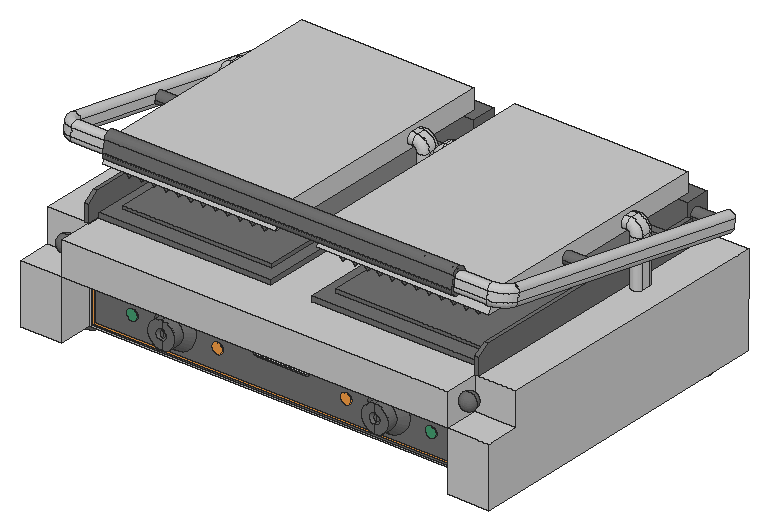
Revit family "QF_BLIZZARD_BRSCG2", category Specialty Equipment, Revit 2016
Family settings
  Part Type = Normal
  Round Connector Dimension = Use Diameter
  OmniClass Number = 23.40.40.14
  OmniClass Title = Food Service Equipment
  Work Plane-Based = No
  Always vertical = Yes
  Cut with Voids When Loaded = No
  Shared = No
  Room Calculation Point = No
Parameters (values of type "BRSCG2")
  URL = "www.blizzardequipment.com"
  Show Logo [instance] = yes
  Show Clearance [instance] = yes
  Model = "BRSCG2"
  Manufacturer = "BLIZZARD"
  Description = "3600W DOUBLE CONTACT GRILL BOTTOM SMOOTH"
  Assembly Code = "E1090320"
Reference planes
  plane 1 "Back": y = 0
  plane 2: z = 0
  plane 3 "Left": x = 0
  plane 4 "Right": x = 570
  plane 5 "Front": y = -395
  plane 6 "Top": z = 210
Forms (mm)
  Extrusion 1, solid
    sketch origin (-257.5, -351.4, -34) x (1, 0, 0) y (0, 0, 1)
      loop
        line (315, 118.638) -> (315, 58.638) -> (770, 58.638) -> (770, 118.638) -> (315, 118.638)
      loop
        line (313, 120.638) -> (313, 56.638) -> (772, 56.638) -> (772, 120.638) -> (313, 120.638)
    from 0 to 2
  Blend 2, solid
    base sketch origin (80.349, 323.214, 0) x (-1, 0, 0) y (0, -1, 0)
      loop
        circle (50.349, 353.214) r 10
    top sketch origin (80.349, 323.214, 0) x (-1, 0, 0) y (0, -1, 0)
      loop
        circle (50.349, 353.214) r 20
    from 0 to 18.638
  Revolve 3, solid
    sketch origin (155, 241.8, -11.985) x (0, 1, 0) y (0, 0, 1)
      loop
        line (-595, 92) -> (-603.953, 83.047) -> (-615.72, 83.047) -> (-615.72, 73.047) -> (-613.494, 70.821) -> (-613.494, 66.623) -> (-595, 66.623) -> (-595, 92)
      axis (-595, 66.623) -> (-615.72, 66.623)
    angle from 0 to 360
  Extrusion 4, solid
    sketch origin (50.474, -352.473, 298.429) x (0, 0, -1) y (1, 0, 0)
      loop
        circle (248.792, 52.683) r 6.466
    from -0.205 to 1.127
  Extrusion 5, solid, visible <- "Show Logo"
    sketch origin (227.642, -351.6, -75.354) x (1, 0, 0) y (0, 0, 1)
      loop
        arc (22.13, 139.05) -> (23.822, 134.965) -> (27.907, 133.273) r 5.777
        line (27.907, 133.273) -> (86.809, 133.273)
        arc (86.809, 133.273) -> (90.894, 134.965) -> (92.585, 139.05) r 5.777
        line (92.585, 139.05) -> (92.585, 147.215)
        arc (92.585, 147.215) -> (90.894, 151.299) -> (86.809, 152.991) r 5.777
        line (86.809, 152.991) -> (27.907, 152.991)
        arc (27.907, 152.991) -> (23.822, 151.299) -> (22.13, 147.215) r 5.777
        line (22.13, 147.215) -> (22.13, 139.05)
    from 0 to 2
  Extrusion 6, solid, visible <- "Show Logo"
    sketch origin (227.642, -351.8, -70.345) x (1, 0, 0) y (0, 0, 1)
      loop
        line (30.3, 133.137) -> (36.162, 133.137)
        arc (36.162, 133.137) -> (39.122, 134.994) -> (38.048, 138.319) r 2.844
        arc (38.048, 138.319) -> (38.838, 141.267) -> (36.338, 143.017) r 2.66
        line (36.338, 143.017) -> (31.338, 143.017) -> (30.3, 133.137)
      loop
        line (33.066, 135.126) -> (35.993, 135.126)
        arc (35.993, 135.126) -> (36.943, 136.076) -> (35.993, 137.026) r 0.95
        line (35.993, 137.026) -> (33.066, 137.026) -> (33.066, 135.126)
      loop
        line (33.528, 139.285) -> (36.147, 139.285)
        arc (36.147, 139.285) -> (36.994, 140.133) -> (36.147, 140.98) r 0.847
        line (36.147, 140.98) -> (33.528, 140.98) -> (33.528, 139.285)
      loop
        line (40.306, 133.137) -> (42.874, 133.137) -> (43.912, 143.017) -> (41.344, 143.017) -> (40.306, 133.137)
      loop
        line (45.174, 140.98) -> (47.749, 140.98) -> (47.964, 143.017) -> (45.389, 143.017) -> (45.174, 140.98)
      loop
        line (45.104, 140.313) -> (44.35, 133.137) -> (46.671, 133.137) -> (47.425, 140.313) -> (45.104, 140.313)
      loop
        line (48.314, 138.359) -> (51.196, 138.359) -> (47.765, 134.548) -> (47.765, 133.137) -> (54.184, 133.137) -> (54.393, 135.126) -> (51.213, 135.126) -> (54.657, 138.952) -> (54.657, 140.313) -> (48.519, 140.313) -> (48.314, 138.359)
      loop
        line (55.213, 138.359) -> (58.095, 138.359) -> (54.664, 134.548) -> (54.664, 133.137) -> (61.084, 133.137) -> (61.293, 135.126) -> (58.112, 135.126) -> (61.557, 138.952) -> (61.557, 140.313) -> (55.419, 140.313) -> (55.213, 138.359)
      loop
        arc (64.816, 137.983) -> (65.785, 138.952) -> (66.753, 137.983) r 0.969
        line (66.753, 137.983) -> (64.711, 137.436)
        arc (64.711, 137.436) -> (62.642, 134.297) -> (66.342, 133.633) r 2.251
        line (66.342, 133.633) -> (66.77, 132.921) -> (69.168, 132.921) -> (68.641, 134.052) -> (69.084, 138.274)
        arc (69.084, 138.274) -> (65.782, 140.567) -> (62.514, 138.225) r 3.488
        line (62.514, 138.225) -> (64.816, 137.983)
      loop
        line (69.848, 133.137) -> (72.232, 133.137) -> (72.59, 136.546)
        arc (72.59, 136.546) -> (73.413, 137.974) -> (75.025, 138.32) r 2.029
        line (75.025, 138.32) -> (75.83, 140.313)
        arc (75.83, 140.313) -> (74.279, 140.541) -> (72.927, 139.749) r 2.362
        line (72.927, 139.749) -> (72.927, 140.627) -> (70.635, 140.627) -> (69.848, 133.137)
      loop
        line (82.596, 133.137) -> (83.635, 143.017) -> (81.373, 143.017) -> (81.031, 139.764)
        arc (81.031, 139.764) -> (75.402, 137.124) -> (80.359, 133.372) r 3.631
        line (80.359, 133.372) -> (82.596, 133.137)
      loop
        spline (78.956, 134.82) -> (79.32, 134.851) -> (79.675, 135.016) -> (79.994, 135.304) -> (80.258, 135.695) -> (80.446, 136.164) -> (80.548, 136.677) -> (80.555, 137.2) -> (80.468, 137.697) -> (80.292, 138.134) -> (80.039, 138.483) -> (79.727, 138.718) -> (79.376, 138.823)
        spline (79.376, 138.823) -> (79.011, 138.793) -> (78.657, 138.628) -> (78.338, 138.34) -> (78.074, 137.948) -> (77.886, 137.48) -> (77.784, 136.967) -> (77.777, 136.444) -> (77.864, 135.947) -> (78.04, 135.509) -> (78.293, 135.161) -> (78.605, 134.926) -> (78.956, 134.82)
      loop
        line (66.385, 136.28) -> (64.729, 135.958)
        arc (64.729, 135.958) -> (64.361, 135.233) -> (65.042, 134.788) r 0.609
        arc (65.042, 134.788) -> (66.068, 135.215) -> (66.385, 136.28) r 1.295
      loop
        line (85.459, 146.184) -> (29.578, 146.184)
        arc (29.578, 146.184) -> (25.494, 144.492) -> (23.802, 140.407) r 5.777
        line (23.802, 140.407) -> (23.802, 135.662)
        arc (23.802, 135.662) -> (25.494, 131.578) -> (29.578, 129.886) r 5.777
        line (29.578, 129.886) -> (85.459, 129.886)
        arc (85.459, 129.886) -> (89.544, 131.578) -> (91.236, 135.662) r 5.777
        line (91.236, 135.662) -> (91.236, 140.407)
        arc (91.236, 140.407) -> (89.544, 144.492) -> (85.459, 146.184) r 5.777
      loop
        line (85.459, 145.184) -> (29.578, 145.184)
        arc (29.578, 145.184) -> (26.201, 143.785) -> (24.802, 140.407) r 4.777
        line (24.802, 140.407) -> (24.802, 135.662)
        arc (24.802, 135.662) -> (26.201, 132.285) -> (29.578, 130.886) r 4.777
        line (29.578, 130.886) -> (85.459, 130.886)
        arc (85.459, 130.886) -> (88.837, 132.285) -> (90.236, 135.662) r 4.777
        line (90.236, 135.662) -> (90.236, 140.407)
        arc (90.236, 140.407) -> (88.837, 143.785) -> (85.459, 145.184) r 4.777
    from 0 to 2
  Extrusion 7, solid
    sketch origin (154.16, -352.473, 298.429) x (0, 0, -1) y (1, 0, 0)
      loop
        circle (248.792, 52.683) r 6.466
    from -0.205 to 1.127
  Extrusion 8, solid
    sketch origin (0, 0, 18.638) x (0, 1, 0) y (0, 0, 1)
      loop
        line (0, 112) -> (-353, 112) -> (-353, 72) -> (-395, 72) -> (-395, 0) -> (0, 0) -> (0, 112)
    from 0 to 50
  Extrusion 9, solid
    sketch origin (520, 0, 18.638) x (0, 1, 0) y (0, 0, 1)
      loop
        line (0, 112) -> (-353, 112) -> (-353, 72) -> (-395, 72) -> (-395, 0) -> (0, 0) -> (0, 112)
    from 0 to 50
  Extrusion 10, solid
    sketch origin (0, 0, -79.362) x (0, 1, 0) y (0, 0, 1)
      loop
        line (0, 210) -> (-395, 210) -> (-395, 170) -> (0, 170) -> (0, 210)
    from 50 to 520
  Extrusion 11, solid
    sketch origin (0, 0, 18.638) x (1, 0, 0) y (0, 0, 1)
      loop
        line (50, 72) -> (50, 0) -> (520, 0) -> (520, 72) -> (50, 72)
    from 0 to 353
  Extrusion 12, solid
    sketch origin (-257.5, -351.2, -34) x (1, 0, 0) y (0, 0, 1)
      loop
        line (311, 122.638) -> (311, 54.638) -> (774, 54.638) -> (774, 122.638) -> (311, 122.638)
    from 0 to 2
  Extrusion 13, solid
    sketch origin (45, 0, 0) x (0, 1, 0) y (0, 0, 1)
      loop
        line (-29.799, 130.638) -> (-29.799, 160.638) -> (-339.011, 160.638) -> (-353, 150.638) -> (-353, 130.638) -> (-29.799, 130.638)
    from 0 to 5
  Extrusion 14, solid
    sketch origin (520, 0, 0) x (0, 1, 0) y (0, 0, 1)
      loop
        line (-29.799, 130.638) -> (-29.799, 160.638) -> (-339.011, 160.638) -> (-353, 150.638) -> (-353, 130.638) -> (-29.799, 130.638)
    from 0 to 5
  Extrusion 15, solid
    sketch origin (0, 0, 0) x (1, 0, 0) y (0, 1, 0)
      loop
        line (50, 0) -> (50, -339.011) -> (260, -339.011) -> (260, 0) -> (50, 0)
    from 130.638 to 136.638
  Extrusion 16, solid
    sketch origin (0, 0, 0) x (1, 0, 0) y (0, 0, 1)
      loop
        line (245.555, 136.638) -> (245.555, 140.638) -> (64.445, 140.638) -> (64.445, 136.638) -> (245.555, 136.638)
    from 44.375 to 320
  Extrusion 17, solid
    sketch origin (0, 0, 334.638) x (0, 1, 0) y (0, 0, 1)
      loop
        line (-29.799, -124.638) -> (-318.953, -124.638) -> (-332.038, -148.123) -> (-29.799, -148.123) -> (-29.799, -124.638)
    from 50 to 260
  Extrusion 18, solid
    sketch origin (0, 0, 323.152) x (1, 0, 0) y (0, 0, 1)
      loop
        arc (64.445, -136.638) -> (67.651, -143.424) -> (72.5, -149.152) r 28.813
        arc (72.5, -149.152) -> (76.889, -144.117) -> (80, -138.208) r 28.813
        arc (80, -138.208) -> (83.111, -144.117) -> (87.5, -149.152) r 28.813
        arc (87.5, -149.152) -> (91.889, -144.117) -> (95, -138.208) r 28.813
        arc (95, -138.208) -> (98.111, -144.117) -> (102.5, -149.152) r 28.813
        arc (102.5, -149.152) -> (106.889, -144.117) -> (110, -138.208) r 28.813
        arc (110, -138.208) -> (113.111, -144.117) -> (117.5, -149.152) r 28.813
        arc (117.5, -149.152) -> (121.889, -144.117) -> (125, -138.208) r 28.813
        arc (125, -138.208) -> (128.111, -144.117) -> (132.5, -149.152) r 28.813
        arc (132.5, -149.152) -> (136.889, -144.117) -> (140, -138.208) r 28.813
        arc (140, -138.208) -> (143.111, -144.117) -> (147.5, -149.152) r 28.813
        arc (147.5, -149.152) -> (151.889, -144.117) -> (155, -138.208) r 28.813
        arc (155, -138.208) -> (158.111, -144.117) -> (162.5, -149.152) r 28.813
        arc (162.5, -149.152) -> (166.889, -144.117) -> (170, -138.208) r 28.813
        arc (170, -138.208) -> (173.111, -144.117) -> (177.5, -149.152) r 28.813
        arc (177.5, -149.152) -> (181.889, -144.117) -> (185, -138.208) r 28.813
        arc (185, -138.208) -> (188.111, -144.117) -> (192.5, -149.152) r 28.813
        arc (192.5, -149.152) -> (196.889, -144.117) -> (200, -138.208) r 28.813
        arc (200, -138.208) -> (203.111, -144.117) -> (207.5, -149.152) r 28.813
        arc (207.5, -149.152) -> (211.889, -144.117) -> (215, -138.208) r 28.813
        arc (215, -138.208) -> (218.111, -144.117) -> (222.5, -149.152) r 28.813
        arc (222.5, -149.152) -> (226.889, -144.117) -> (230, -138.208) r 28.813
        arc (230, -138.208) -> (233.111, -144.117) -> (237.5, -149.152) r 28.813
        arc (237.5, -149.152) -> (242.349, -143.424) -> (245.555, -136.638) r 28.813
        line (245.555, -136.638) -> (64.445, -136.638)
    from 44.375 to 320
  Extrusion 19, solid
    sketch origin (-7.718, 0, 0) x (0, 1, 0) y (0, 0, 1)
      loop
        line (0, 175.551) -> (-29.799, 175.551) -> (-29.799, 136.638) -> (0, 136.638) -> (0, 175.551)
    from 57.718 to 267.718
  Sweep 20, solid
    path origin (0, 6.142, 154.657) x (1, 0, 0) y (0, 0.981627, -0.190809)
      loop
        line (17.517, -14.374) -> (17.517, -348.847)
        arc (17.517, -348.847) -> (22.864, -358.499) -> (32.517, -363.847) r 20
        line (32.517, -363.847) -> (537.483, -363.847)
        arc (537.483, -363.847) -> (547.136, -358.499) -> (552.483, -348.847) r 20
        line (552.483, -348.847) -> (552.483, -14.374)
    profile origin (17.517, -172.132, 189.31) x (1, 0, 0) y (0, 0.190809, 0.981627)
      loop
        line (6.764, -4.744) -> (6.764, 4.744)
        arc (6.764, 4.744) -> (0, 11.508) -> (-6.764, 4.744) r 6.764
        line (-6.764, 4.744) -> (-6.764, -4.744)
        arc (-6.764, -4.744) -> (0, -11.508) -> (6.764, -4.744) r 6.764
  Extrusion 21, solid
    sketch origin (0, 0, 0) x (0, 1, 0) y (0, 0, 1)
      loop
        circle (-19.343, 160.127) r 7.212
    from 24.281 to 50
  Extrusion 22, solid
    sketch origin (475.719, 0, 0) x (0, 1, 0) y (0, 0, 1)
      loop
        circle (-19.343, 160.127) r 7.212
    from 44.281 to 70
  Extrusion 23, solid
    sketch origin (0, -195, 38.131) x (0, 1, 0) y (0, 0, 1)
      loop
        circle (-19.343, 160.127) r 7.212
    from 24.281 to 50
  Extrusion 24, solid
    sketch origin (570, -195, 38.131) x (0, 1, 0) y (0, 0, -1)
      loop
        circle (-19.343, -160.127) r 7.212
    from 24.281 to 50
  Extrusion 25, solid
    sketch origin (0, 0, 0) x (0, 1, 0) y (0, 0, 1)
      loop
        line (-343.703, 215.79) -> (-341.129, 229.03)
        arc (-341.129, 229.03) -> (-348.061, 239.306) -> (-358.336, 232.374) r 8.764
        line (-358.336, 232.374) -> (-360.91, 219.134)
        arc (-360.91, 219.134) -> (-353.979, 208.859) -> (-343.703, 215.79) r 8.764
    from 73.081 to 497.644
  Revolve 26, solid
    sketch origin (14.462, -375, -2.309) x (1, 0, 0) y (0, 0, 1)
      loop
        line (25.427, 107.419) -> (25.427, 127.419)
        arc (25.427, 127.419) -> (15.427, 117.419) -> (25.427, 107.419) r 10
      axis (25.427, 107.419) -> (25.427, 127.419)
    angle from 0 to 360
  Revolve 27, solid
    sketch origin (555.538, -375, -2.309) x (-1, 0, 0) y (0, 0, -1)
      loop
        arc (25.427, -107.419) -> (15.427, -117.419) -> (25.427, -127.419) r 10
        line (25.427, -127.419) -> (25.427, -107.419)
      axis (25.427, -107.419) -> (25.427, -127.419)
    angle from 0 to 360
  Sweep 28, solid
    path origin (0, -120, 0) x (1, 0, 0) y (0, 0, 1)
      loop
        line (35, 130.638) -> (35, 188.257)
        arc (35, 188.257) -> (36.995, 194.573) -> (42.5, 198.257) r 10
        line (42.5, 198.257) -> (50, 198.257)
    profile origin (35, -120, 159.447) x (-1, 0, 0) y (0, -1, 0)
      loop
        line (6.815, -5) -> (6.815, 5)
        arc (6.815, 5) -> (0, 11.815) -> (-6.815, 5) r 6.815
        line (-6.815, 5) -> (-6.815, -5)
        arc (-6.815, -5) -> (0, -11.815) -> (6.815, -5) r 6.815
  Sweep 29, solid
    path origin (310, -120, 0) x (-1, 0, 0) y (0, 0, -1)
      loop
        line (35, -130.638) -> (35, -188.257)
        arc (35, -188.257) -> (36.995, -194.573) -> (42.5, -198.257) r 10
        line (42.5, -198.257) -> (50, -198.257)
    profile origin (275, -120, 159.447) x (-1, 0, 0) y (0, -1, 0)
      loop
        arc (-6.815, -5) -> (0, -11.815) -> (6.815, -5) r 6.815
        line (6.815, -5) -> (6.815, 5)
        arc (6.815, 5) -> (0, 11.815) -> (-6.815, 5) r 6.815
        line (-6.815, 5) -> (-6.815, -5)
  Blend 30, solid
    base sketch origin (489.651, 323.214, 0) x (1, 0, 0) y (0, 1, 0)
      loop
        circle (50.349, -353.214) r 10
    top sketch origin (489.651, 323.214, 0) x (1, 0, 0) y (0, 1, 0)
      loop
        circle (50.349, -353.214) r 20
    from 0 to 18.638
  Blend 31, solid
    base sketch origin (489.651, -676.214, 0) x (1, 0, 0) y (0, 1, 0)
      loop
        circle (50.349, 353.214) r 10
    top sketch origin (489.651, -676.214, 0) x (1, 0, 0) y (0, 1, 0)
      loop
        circle (50.349, 353.214) r 20
    from 0 to 18.638
  Blend 32, solid
    base sketch origin (80.349, -676.214, 0) x (-1, 0, 0) y (0, -1, 0)
      loop
        circle (50.349, -353.214) r 10
    top sketch origin (80.349, -676.214, 0) x (-1, 0, 0) y (0, -1, 0)
      loop
        circle (50.349, -353.214) r 20
    from 0 to 18.638
  Extrusion 33, solid
    sketch origin (570, 0, 0) x (-1, 0, 0) y (0, -1, 0)
      loop
        line (50, 0) -> (260, 0) -> (260, 339.011) -> (50, 339.011) -> (50, 0)
    from 130.638 to 136.638
  Extrusion 34, solid
    sketch origin (570, 0, 334.638) x (0, 1, 0) y (0, 0, -1)
      loop
        line (-29.799, 124.638) -> (-29.799, 148.123) -> (-332.038, 148.123) -> (-318.953, 124.638) -> (-29.799, 124.638)
    from 50 to 260
  Extrusion 35, solid
    sketch origin (570, 0, 323.152) x (-1, 0, 0) y (0, 0, -1)
      loop
        line (64.445, 136.638) -> (245.555, 136.638)
        arc (245.555, 136.638) -> (242.349, 143.424) -> (237.5, 149.152) r 28.813
        arc (237.5, 149.152) -> (233.111, 144.117) -> (230, 138.208) r 28.813
        arc (230, 138.208) -> (226.889, 144.117) -> (222.5, 149.152) r 28.813
        arc (222.5, 149.152) -> (218.111, 144.117) -> (215, 138.208) r 28.813
        arc (215, 138.208) -> (211.889, 144.117) -> (207.5, 149.152) r 28.813
        arc (207.5, 149.152) -> (203.111, 144.117) -> (200, 138.208) r 28.813
        arc (200, 138.208) -> (196.889, 144.117) -> (192.5, 149.152) r 28.813
        arc (192.5, 149.152) -> (188.111, 144.117) -> (185, 138.208) r 28.813
        arc (185, 138.208) -> (181.889, 144.117) -> (177.5, 149.152) r 28.813
        arc (177.5, 149.152) -> (173.111, 144.117) -> (170, 138.208) r 28.813
        arc (170, 138.208) -> (166.889, 144.117) -> (162.5, 149.152) r 28.813
        arc (162.5, 149.152) -> (158.111, 144.117) -> (155, 138.208) r 28.813
        arc (155, 138.208) -> (151.889, 144.117) -> (147.5, 149.152) r 28.813
        arc (147.5, 149.152) -> (143.111, 144.117) -> (140, 138.208) r 28.813
        arc (140, 138.208) -> (136.889, 144.117) -> (132.5, 149.152) r 28.813
        arc (132.5, 149.152) -> (128.111, 144.117) -> (125, 138.208) r 28.813
        arc (125, 138.208) -> (121.889, 144.117) -> (117.5, 149.152) r 28.813
        arc (117.5, 149.152) -> (113.111, 144.117) -> (110, 138.208) r 28.813
        arc (110, 138.208) -> (106.889, 144.117) -> (102.5, 149.152) r 28.813
        arc (102.5, 149.152) -> (98.111, 144.117) -> (95, 138.208) r 28.813
        arc (95, 138.208) -> (91.889, 144.117) -> (87.5, 149.152) r 28.813
        arc (87.5, 149.152) -> (83.111, 144.117) -> (80, 138.208) r 28.813
        arc (80, 138.208) -> (76.889, 144.117) -> (72.5, 149.152) r 28.813
        arc (72.5, 149.152) -> (67.651, 143.424) -> (64.445, 136.638) r 28.813
    from 44.375 to 320
  Extrusion 36, solid
    sketch origin (577.718, 0, 0) x (0, 1, 0) y (0, 0, -1)
      loop
        line (0, -175.551) -> (0, -136.638) -> (-29.799, -136.638) -> (-29.799, -175.551) -> (0, -175.551)
    from 57.718 to 267.718
  Sweep 37, solid
    path origin (260, -120, 0) x (1, 0, 0) y (0, 0, 1)
      loop
        line (35, 130.638) -> (35, 188.257)
        arc (35, 188.257) -> (36.995, 194.573) -> (42.5, 198.257) r 10
        line (42.5, 198.257) -> (50, 198.257)
    profile origin (295, -120, 159.447) x (-1, 0, 0) y (0, -1, 0)
      loop
        line (6.815, -5) -> (6.815, 5)
        arc (6.815, 5) -> (0, 11.815) -> (-6.815, 5) r 6.815
        line (-6.815, 5) -> (-6.815, -5)
        arc (-6.815, -5) -> (0, -11.815) -> (6.815, -5) r 6.815
  Sweep 38, solid
    path origin (570, -120, 0) x (-1, 0, 0) y (0, 0, -1)
      loop
        line (35, -130.638) -> (35, -188.257)
        arc (35, -188.257) -> (36.995, -194.573) -> (42.5, -198.257) r 10
        line (42.5, -198.257) -> (50, -198.257)
    profile origin (535, -120, 159.447) x (-1, 0, 0) y (0, -1, 0)
      loop
        arc (-6.815, -5) -> (0, -11.815) -> (6.815, -5) r 6.815
        line (6.815, -5) -> (6.815, 5)
        arc (6.815, 5) -> (0, 11.815) -> (-6.815, 5) r 6.815
        line (-6.815, 5) -> (-6.815, -5)
  Revolve 39, solid
    sketch origin (415, 241.8, -11.985) x (0, 1, 0) y (0, 0, -1)
      loop
        line (-595, -92) -> (-595, -66.623) -> (-613.494, -66.623) -> (-613.494, -70.821) -> (-615.72, -73.047) -> (-615.72, -83.047) -> (-603.953, -83.047) -> (-595, -92)
      axis (-595, -66.623) -> (-615.72, -66.623)
    angle from 0 to 360
  Extrusion 40, solid
    sketch origin (519.526, -352.473, 298.429) x (0, 0, -1) y (1, 0, 0)
      loop
        circle (248.792, -52.683) r 6.466
    from -0.205 to 1.127
  Extrusion 41, solid
    sketch origin (415.84, -352.473, 298.429) x (0, 0, -1) y (1, 0, 0)
      loop
        circle (248.792, -52.683) r 6.466
    from -0.205 to 1.127
  Extrusion 42, solid
    sketch origin (570, 0, 0) x (-1, 0, 0) y (0, 0, -1)
      loop
        line (245.555, -136.638) -> (64.445, -136.638) -> (64.445, -140.638) -> (245.555, -140.638) -> (245.555, -136.638)
    from 44.375 to 320
Lines and regions (mm)
  reference lines
    curve 1: line (0, -183.475, 1485) -> (0, -697.791, 1021.908)
  symbolic lines, style "200-EquipBorder-2D"
    curve 2: line (0, 0, 0) -> (570, 0, 0)
    curve 3: line (0, -395, 0) -> (0, 0, 0)
    curve 4: line (570, -395, 0) -> (0, -395, 0)
    curve 5: line (570, 0, 0) -> (570, -395, 0)
  symbolic lines, style "200-EquipInternal-2D"
    curve 6: line (45, -29.799, 0) -> (525, -29.799, 0)
    curve 7: line (45, -339.011, 0) -> (45, -29.799, 0)
    curve 8: line (525, -29.799, 0) -> (525, -339.011, 0)
    curve 9: line (10.752, -8.873, 0) -> (10.752, -337.516, 0)
    curve 10: line (24.204, -8.873, 0) -> (24.204, -334.569, 0)
    curve 11: line (33.081, -343.446, 0) -> (73.081, -343.446, 0)
    curve 12: line (73.081, -343.446, 0) -> (73.081, -340.946, 0)
    curve 13: arc (33.081, -343.446, 0) -> (27.725, -339.924, 0) -> (24.204, -334.569, 0) r 15.838
    curve 14: line (237.644, -343.446, 0) -> (237.644, -340.946, 0)
    curve 15: line (237.644, -340.946, 0) -> (73.081, -340.946, 0)
    curve 16: line (73.081, -358.594, 0) -> (73.081, -361.094, 0)
    curve 17: line (237.644, -358.594, 0) -> (237.644, -361.094, 0)
    curve 18: line (237.644, -361.094, 0) -> (73.081, -361.094, 0)
    curve 19: line (73.081, -358.594, 0) -> (31.83, -358.594, 0)
    curve 20: arc (31.83, -358.594, 0) -> (16.926, -352.42, 0) -> (10.752, -337.516, 0) r 21.078
    curve 21: line (45, -339.011, 0) -> (525, -339.011, 0)
    curve 22: line (537.644, -343.446, 0) -> (237.644, -343.446, 0)
    curve 23: arc (537.644, -343.446, 0) -> (543, -339.924, 0) -> (546.521, -334.569, 0) r 15.838
    curve 24: line (237.644, -358.594, 0) -> (538.895, -358.594, 0)
    curve 25: arc (538.895, -358.594, 0) -> (553.799, -352.42, 0) -> (559.973, -337.516, 0) r 21.078
    curve 26: line (559.973, -9.741, 0) -> (559.973, -337.516, 0)
    curve 27: line (546.521, -9.741, 0) -> (546.521, -334.569, 0)
    curve 28: line (10.752, -8.873, 0) -> (24.204, -8.873, 0)
    curve 29: line (546.521, -9.741, 0) -> (559.973, -9.741, 0)
    curve 30: line (73.081, -358.594, 0) -> (73.081, -343.446, 0)
    curve 31: line (237.644, -358.594, 0) -> (237.644, -343.446, 0)
    curve 32: line (45, -207.13, 0) -> (24.204, -207.13, 0)
    curve 33: line (45, -221.555, 0) -> (24.204, -221.555, 0)
    curve 34: line (525, -207.13, 0) -> (546.521, -207.13, 0)
    curve 35: line (525, -221.555, 0) -> (546.521, -221.555, 0)
Dimensions and locks
  plane 3 "Left" to plane 4 "Right" = 570 mm
  plane 5 "Front" to plane 1 "Back" = 395 mm
  plane 1 "Back" to plane 5 "Front" = 395 mm
  plane 4 "Right" to plane 3 "Left" = 570 mm
  plane 6 "Top" to level = 210 mm  (x2)
  aligned and locked: level to plane 2
